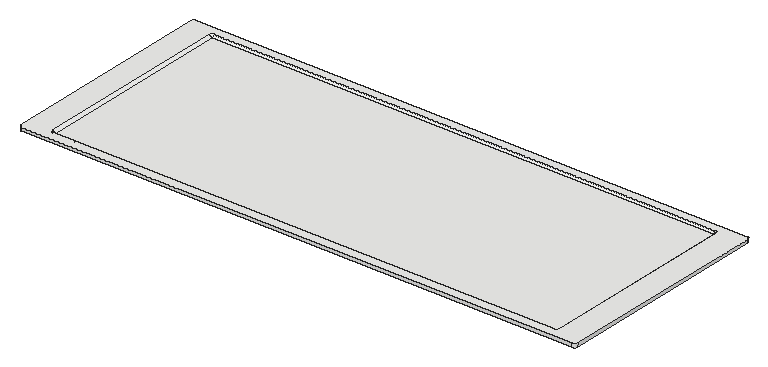
Revit family "DKTL0021_revit", category Generic Models, Revit 2017
Family settings
  Can host rebar = No
  Round Connector Dimension = Use Diameter
  Part Type = Normal
  Work Plane-Based = No
  Always vertical = Yes
  Cut with Voids When Loaded = No
  Shared = No
  Room Calculation Point = No
Parameters
  Website = "https://dolphy.in/"  # constant formula
  Material and Finish = Dolphy_WHITE
  Length = 360 mm
  Contact number = "+91 9520202035"  # constant formula
  Contact email = "info@dolphy.in"  # constant formula
  Company name = "Dolphy India"  # constant formula
Reference planes
  plane 1 "Center (Front/Back)": y = 0
  plane 2: z = 0
  plane 3 "Center (Left/Right)": x = 0
Forms (mm)
  Extrusion 1, solid, material "Dolphy_WHITE"
    sketch origin (0, 0, 0) x (1, 0, 0) y (0, 1, 0)
      loop
        arc (-164, 65) -> (-165.414, 64.414) -> (-166, 63) r 2
        line (-166, 63) -> (-166, -63)
        arc (-166, -63) -> (-165.414, -64.414) -> (-164, -65) r 2
        line (-164, -65) -> (164, -65)
        arc (164, -65) -> (165.414, -64.414) -> (166, -63) r 2
        line (166, -63) -> (166, 63)
        arc (166, 63) -> (165.414, 64.414) -> (164, 65) r 2
        line (164, 65) -> (-164, 65)
    from 0 to 2
  Blend 2, void
    base sketch origin (0, 0, 2) x (0, 1, 0) y (-1, 0, 0)
      loop
        arc (-58, 151) -> (-59.414, 150.414) -> (-60, 149) r 2
        line (-60, 149) -> (-60, -149)
        arc (-60, -149) -> (-59.414, -150.414) -> (-58, -151) r 2
        line (-58, -151) -> (58, -151)
        arc (58, -151) -> (59.414, -150.414) -> (60, -149) r 2
        line (60, -149) -> (60, 149)
        arc (60, 149) -> (59.414, 150.414) -> (58, 151) r 2
        line (58, 151) -> (-58, 151)
    top sketch origin (0, 0, 2) x (0, 1, 0) y (-1, 0, 0)
      loop
        line (58.5, 149.5) -> (-58.5, 149.5) -> (-58.5, -149.5) -> (58.5, -149.5) -> (58.5, 149.5)
    from 0 to -1
Cuts and joins
  Blend 2 cuts Extrusion 1
Dimensions and locks
  Extrusion 1 sketch curve to Extrusion 1 sketch curve = 332 mm
  Extrusion 1 sketch curve to Extrusion 1 sketch curve = 130 mm
  aligned and locked: level to plane 2
